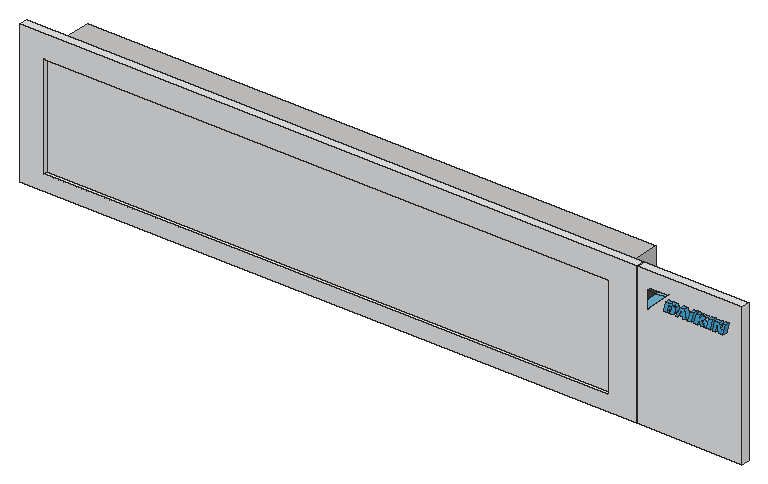
Revit family "outputfile", category 制気口, Revit 2024
Family settings
  丸型コネクタ寸法 = 直径を使用
  パーツ タイプ = 標準
  OmniClass 番号 = 23.75.70.21.27.11
  OmniClass タイトル = Diffusers, Registers, and Grilles
  作業面ベース = いいえ
  常に垂直 = はい
  ロード時にボイドで切り取り = いいえ
  注釈の向きを維持 = いいえ
  共有 = いいえ
  部屋計算ポイント = いいえ
Parameters (values of type "FPDAQ50APVM")
  Description = ""
  製造元 = "Daikin"
  書き出し IFC クラス(タイプ) = "IfcAirTerminalType"
  Default Elevation = 0 mm
  定義済み IFC タイプ(タイプ) = "GRILLE"
  Cost = 0
  モデル = "FPDAQ50APVM"
  Type Comments = ""
  Keynote = ""
  Type Image = (empty or 0)
  Assembly Code = ""
  Width = 922 mm
  Version = "ver.1.0"
  Unit Type = "3D Air Flow Ceiling Mounted Duct Type"
  Unit Designation [instance] = ""
  Uniclass2015Version = "Products v1.35"
  Uniclass2015Title = "Air grilles"
  Uniclass2015Code = "Pr_70_65_04_03"
  URL = ""
  Series = "VRV Fan Coil Unit"
  SA Duct Size Width = 656 mm
  SA Duct Size Height = 141 mm
  Material_Grille = DAIKIN_FreshWhite_Panel_indoorunit
  IfcVersion = ""
  IfcExportType = "GRILLE"
  IfcExportAs = "IfcAirTerminalType"
  Height = 180 mm
  FCU Tag No. [instance] = ""
  Design Supply Airflow [instance] = 0.00 m³/h
  Depth = 70 mm
Reference planes
  plane 1 "Center (Front/Back)": y = 0
  plane 2: z = 90
  plane 3 "Center (Left/Right)": x = 10
  plane 4: x = 471
  plane 5: x = 337
  plane 6: x = -451
  plane 7: z = -90
  plane 8: z = -90
  plane 9: z = -75
  plane 10: x = 404
  plane 11: x = -421
  plane 12 "Center (Elevation)": z = 0
  plane 13: y = -10
  plane 14: y = -5
  plane 15: y = 60
  plane 16: z = 70.5
  plane 17: x = 305
  plane 18: z = 60
  plane 19: z = -23
  plane 20: z = -70.5
  plane 21: x = 408.5
  plane 22: x = 368
  plane 23: x = -58
Forms (mm)
  Extrusion 1, solid, material "DAIKIN_FreshWhite_Panel_indoorunit" <- "Material_Grille"
    sketch origin (10, 0, 0) x (0, 1, 0) y (0, 0, 1)
      loop
        line (0, 90) -> (-10, 90) -> (-10, -90) -> (0, -90) -> (0, 90)
    from 327 to 461
  Extrusion 2, solid, material "DAIKIN_FreshWhite_Panel_indoorunit" <- "Material_Grille"
    sketch origin (10, 0, 0) x (0, 1, 0) y (0, 0, 1)
      loop
        line (-10, 90) -> (-10, -90) -> (0, -90) -> (0, 90) -> (-10, 90)
    from -461 to 327
  Extrusion 3, void
    sketch origin (0, 0, 0) x (1, 0, 0) y (0, 0, 1)
      loop
        line (-421, 61) -> (-421, -70.5) -> (300.5, -70.5) -> (300.5, 61) -> (-421, 61)
    from 10 to 5
  Extrusion 4, solid, material "DAIKIN_GalvanizedSteel_Casing_indoorunit"
    sketch origin (0, 0, 0) x (1, 0, 0) y (0, 1, 0)
      loop
        line (-421, 60) -> (-421, 0) -> (305, 0) -> (305, 60) -> (-421, 60)
    from -70.5 to 70.5
  Extrusion 5, solid, material "DAIKIN_GalvanizedSteel_Casing_indoorunit"
    sketch origin (0, 0, 0) x (1, 0, 0) y (0, 1, 0)
      loop
        line (383.049, 33) -> (369.7, 19.651) -> (369.7, 0) -> (438.3, 0) -> (438.3, 33) -> (383.049, 33)
    from -23 to 60
Cuts and joins
  Extrusion 3 cuts Extrusion 2
  Extrusion 3 cuts Extrusion 1
Dimensions and locks
  locked: plane 2 to plane 7 at 180
  locked: plane 2 to Extrusion 3 sketch curve at 29
  locked: plane 2 to plane 9 at 165
  locked: plane 4 to plane 5 at 134
  locked: plane 11 to plane 6 at 30
  locked: plane 13 to plane 1 "Center (Front/Back)" at 10
  equal spacing: plane 13, plane 14, plane 1 "Center (Front/Back)"
  plane 6 to plane 3 "Center (Left/Right)" = 461 mm
  equal spacing: plane 4, plane 10, plane 5
  locked: plane 2 to plane 16 at 19.5
  locked: plane 17 to plane 4 at 166
  equal spacing: Extrusion 5 sketch curve, plane 10, Extrusion 5 sketch curve
  locked: Extrusion 5 sketch curve to Extrusion 5 sketch curve at 68.6
  locked: plane 1 "Center (Front/Back)" to Extrusion 5 sketch curve at 33
  plane 2 to plane 18 = 30 mm  (x2)
  locked: plane 19 to plane 8 at 67
  locked: plane 20 to plane 8 at 19.5
  "Width": plane 6 to plane 4
  "Depth": plane 15 to plane 13
  "Height": plane 2 to plane 8
  locked: plane 4 to plane 21 at 62.5
  locked: plane 22 to plane 5 at 31
  equal spacing: plane 17, plane 23, plane 11
  equal spacing: plane 4, plane 3 "Center (Left/Right)", plane 6
  aligned and locked: Extrusion 1 to plane 5
  aligned and locked: plane 4 to Extrusion 1
  aligned and locked: plane 7 to Extrusion 2 sketch curve
  aligned and locked: Extrusion 2 to Extrusion 1
  aligned and locked: Extrusion 2 to plane 6
  aligned and locked: Extrusion 3 to plane 11
  aligned and locked: Extrusion 1 sketch curve to plane 2
  aligned and locked: plane 2 to Extrusion 2 sketch curve
  aligned and locked: level to plane 12 "Center (Elevation)"
  aligned and locked: Extrusion 1 sketch curve to plane 1 "Center (Front/Back)"
  aligned and locked: plane 1 "Center (Front/Back)" to Extrusion 4 sketch curve
  aligned and locked: plane 14 to Extrusion 3
  aligned and locked: plane 1 "Center (Front/Back)" to Extrusion 2 sketch curve
  aligned and locked: plane 13 to Extrusion 2 sketch curve
  aligned and locked: Extrusion 2 to Extrusion 3
  aligned and locked: plane 13 to Extrusion 1 sketch curve
  aligned and locked: plane 15 to Extrusion 4
  aligned and locked: Extrusion 4 to cut or joined group of Extrusion 2, Extrusion 3
  aligned and locked: nested 1 to plane 16
  aligned and locked: plane 10 to nested 1
  aligned and locked: nested 1 to plane 13
  aligned and locked: plane 17 to Extrusion 4
  aligned and locked: Extrusion 5 sketch curve to plane 1 "Center (Front/Back)"
  aligned and locked: plane 18 to Extrusion 5
  aligned and locked: Extrusion 5 to plane 19
  aligned and locked: Extrusion 4 to plane 20
  aligned and locked: Extrusion 3 to Extrusion 4
  aligned and locked: Extrusion 4 to plane 16
  aligned and locked: Extrusion 1 sketch curve to plane 8
Automatic sketch dimensions
  plane 6 to Extrusion 3 sketch curve = 30 mm
  Extrusion 3 sketch curve to plane 5 = 36.5 mm
  Extrusion 4 sketch curve to plane 10 = 99 mm
  Extrusion 4 sketch curve to plane 11 = 0 mm
  Extrusion 4 sketch curve to plane 1 "Center (Front/Back)" = 60 mm
  Extrusion 5 sketch curve to Extrusion 5 sketch curve = 13.349 mm  (x2)
  plane 20 to Extrusion 3 sketch curve = 0 mm
Nested families
  nested 1: "daikin_logo_elevation_w100" at (419, -10, 45.5), type "daikin_logo_elevation_w100"
    with show_logo yes
Connectors
  hvac at (-58, 60, 0), driven by "SA Duct Size Height", driven by "SA Duct Size Width", driven by "Design Supply Airflow"
    settings: on Extrusion 4, index 1, duct flow 0.00 m³/h, flow factor 0, pres drop 0.0 Pa, loss coef 0, conn angle 0.00°, conn width 656.0 mm, conn height 141.0 mm, conn diameter 609.6 mm, duct sys type 1, conn prof type 1, flow config 1, flow direction 1, loss method 4, conn ref index -1, conn util no, is conn primary yes, conn desc "SA Duct"
Definition of nested family "daikin_logo_elevation_w100"
  Parameters (values of type "daikin_logo_elevation_w100")
    width = 100 mm
    show_logo [instance] = yes
    material = none
    height = 25 mm
    depth = 5 mm
    Default Elevation = 0 mm
  Reference planes
    plane 1 "Center (Front/Back)": y = 0
    plane 2: z = 0
    plane 3 "Center (Left/Right)": x = -15
    plane 4 "left": x = -65
    plane 5 "right": x = 35
    plane 6: y = -5
    plane 7: z = 25
  Forms (mm)
    Extrusion 1, solid
      sketch origin (0, 0, 0) x (1, 0, 0) y (0, 0, 1)
        loop
          line (-65, 25) -> (-65, 14.753) -> (-53.814, 25) -> (-65, 25)
      from 0 to 5
    Extrusion 2, solid
      sketch origin (0, 0, 0) x (1, 0, 0) y (0, 0, 1)
        loop
          line (-42.019, 25) -> (-53.814, 25) -> (-65, 14.753) -> (-65, 3.87) -> (-42.019, 25)
      from 0 to 5
    Extrusion 3, solid
      sketch origin (0, 0, 0) x (1, 0, 0) y (0, 0, 1)
        loop
          line (-35.602, 20.041) -> (-41.486, 20.041) -> (-44.428, 8.274) -> (-35.602, 8.274)
          arc (-35.602, 8.274) -> (-32.105, 8.983) -> (-29.415, 11.329) r 6.978
          arc (-29.415, 11.329) -> (-28.233, 14.382) -> (-28.637, 17.63) r 6.701
          arc (-28.637, 17.63) -> (-29.469, 18.814) -> (-30.709, 19.559) r 3.49
          arc (-30.709, 19.559) -> (-33.138, 19.976) -> (-35.602, 20.041) r 17.114
        loop
          line (-38.544, 10.627) -> (-36.191, 10.627)
          arc (-36.191, 10.627) -> (-34.383, 11.838) -> (-33.335, 13.745) r 4.6
          arc (-33.335, 13.745) -> (-33.193, 15.202) -> (-33.538, 16.625) r 4.404
          arc (-33.538, 16.625) -> (-34.051, 17.128) -> (-34.72, 17.393) r 1.818
          line (-34.72, 17.393) -> (-37.073, 17.393) -> (-38.544, 10.627)
        loop
          line (-29.13, 8.274) -> (-25.894, 8.274) -> (-24.791, 10.333) -> (-20.158, 10.333) -> (-19.717, 8.274) -> (-14.422, 8.274) -> (-16.775, 20.041) -> (-22.659, 20.041) -> (-29.13, 8.274)
        loop
          line (-23.373, 12.98) -> (-20.725, 12.98) -> (-21.482, 16.511) -> (-23.373, 12.98)
        loop
          line (-10.009, 20.041) -> (-12.951, 8.274) -> (-7.95, 8.274) -> (-5.008, 20.041) -> (-10.009, 20.041)
        loop
          line (-5.008, 8.274) -> (-0.007, 8.274) -> (0.792, 11.472) -> (3.229, 8.274) -> (9.407, 8.274) -> (4.7, 14.451) -> (11.466, 20.041) -> (6.171, 20.041) -> (2.093, 16.672) -> (2.935, 20.041) -> (-2.066, 20.041) -> (-5.008, 8.274)
        loop
          line (10.583, 8.274) -> (15.879, 8.274) -> (18.82, 20.041) -> (13.819, 20.041) -> (10.583, 8.274)
        loop
          line (18.82, 8.274) -> (22.35, 8.274) -> (24.013, 14.925) -> (26.175, 8.274) -> (32.058, 8.274) -> (35, 20.041) -> (31.47, 20.041) -> (29.679, 12.878) -> (27.351, 20.041) -> (21.762, 20.041) -> (18.82, 8.274)
      from 0 to 5
  Lines and regions (mm)
    model lines
      curve 1: line (-42.019, 0, 25) -> (-52.024, 0, 25)
      curve 2: line (-52.024, 0, 25) -> (-65, 0, 13.114)
      curve 3: line (-65, 0, 13.114) -> (-65, 0, 3.87)
      curve 4: line (-65, 0, 3.87) -> (-42.019, 0, 25)
      curve 5: line (-65, 0, 14.753) -> (-65, 0, 25)
      curve 6: line (-65, 0, 25) -> (-53.814, 0, 25)
      curve 7: line (-53.814, 0, 25) -> (-65, 0, 14.753)
      curve 8: line (-20.725, 0, 12.98) -> (-23.373, 0, 12.98)
      curve 9: line (-23.373, 0, 12.98) -> (-21.482, 0, 16.511)
      curve 10: line (-21.482, 0, 16.511) -> (-20.725, 0, 12.98)
      curve 11: line (-19.717, 0, 8.274) -> (-20.158, 0, 10.333)
      curve 12: line (-20.158, 0, 10.333) -> (-24.791, 0, 10.333)
      curve 13: line (-24.791, 0, 10.333) -> (-25.894, 0, 8.274)
      curve 14: line (-25.894, 0, 8.274) -> (-29.13, 0, 8.274)
      curve 15: line (-29.13, 0, 8.274) -> (-22.659, 0, 20.041)
      curve 16: line (-22.659, 0, 20.041) -> (-16.775, 0, 20.041)
      curve 17: line (-36.191, 0, 10.627) -> (-38.544, 0, 10.627)
      curve 18: line (-38.544, 0, 10.627) -> (-37.073, 0, 17.393)
      curve 19: line (-37.073, 0, 17.393) -> (-34.72, 0, 17.393)
      curve 20: line (-5.008, 0, 20.041) -> (-10.009, 0, 20.041)
      curve 21: line (-10.009, 0, 20.041) -> (-12.951, 0, 8.274)
      curve 22: line (-12.951, 0, 8.274) -> (-7.95, 0, 8.274)
      curve 23: line (-7.95, 0, 8.274) -> (-5.008, 0, 20.041)
      curve 24: line (24.013, 0, 14.925) -> (22.35, 0, 8.274)
      curve 25: line (22.35, 0, 8.274) -> (18.82, 0, 8.274)
      curve 26: line (18.82, 0, 8.274) -> (21.762, 0, 20.041)
      curve 27: line (21.762, 0, 20.041) -> (27.351, 0, 20.041)
      curve 28: line (27.351, 0, 20.041) -> (29.679, 0, 12.878)
      curve 29: line (29.679, 0, 12.878) -> (31.47, 0, 20.041)
      curve 30: line (31.47, 0, 20.041) -> (35, 0, 20.041)
      curve 31: line (35, 0, 20.041) -> (32.058, 0, 8.274)
      curve 32: line (32.058, 0, 8.274) -> (26.175, 0, 8.274)
      curve 33: line (26.175, 0, 8.274) -> (24.013, 0, 14.925)
      curve 34: line (-16.775, 0, 20.041) -> (-14.422, 0, 8.274)
      curve 35: line (-14.422, 0, 8.274) -> (-19.717, 0, 8.274)
      curve 36: line (-35.602, 0, 20.041) -> (-41.486, 0, 20.041)
      curve 37: line (-41.486, 0, 20.041) -> (-44.428, 0, 8.274)
      curve 38: line (-44.428, 0, 8.274) -> (-35.602, 0, 8.274)
      curve 39: line (10.583, 0, 8.274) -> (15.879, 0, 8.274)
      curve 40: line (15.879, 0, 8.274) -> (18.82, 0, 20.041)
      curve 41: line (18.82, 0, 20.041) -> (13.819, 0, 20.041)
      curve 42: line (13.819, 0, 20.041) -> (10.583, 0, 8.274)
      curve 43: line (3.229, 0, 8.274) -> (0.792, 0, 11.472)
      curve 44: line (0.792, 0, 11.472) -> (-0.007, 0, 8.274)
      curve 45: line (-0.007, 0, 8.274) -> (-5.008, 0, 8.274)
      curve 46: line (-5.008, 0, 8.274) -> (-2.066, 0, 20.041)
      curve 47: line (-2.066, 0, 20.041) -> (2.935, 0, 20.041)
      curve 48: line (2.935, 0, 20.041) -> (2.093, 0, 16.672)
      curve 49: line (2.093, 0, 16.672) -> (6.171, 0, 20.041)
      curve 50: line (6.171, 0, 20.041) -> (11.466, 0, 20.041)
      curve 51: line (11.466, 0, 20.041) -> (4.7, 0, 14.451)
      curve 52: line (4.7, 0, 14.451) -> (9.407, 0, 8.274)
      curve 53: line (9.407, 0, 8.274) -> (3.229, 0, 8.274)
      curve 54: arc (-36.191, 0, 10.627) -> (-34.383, 0, 11.838) -> (-33.335, 0, 13.745) r 4.6
      curve 55: arc (-33.335, 0, 13.745) -> (-33.193, 0, 15.202) -> (-33.538, 0, 16.625) r 4.404
      curve 56: arc (-33.538, 0, 16.625) -> (-34.051, 0, 17.128) -> (-34.72, 0, 17.393) r 1.818
      curve 57: arc (-35.602, 0, 8.274) -> (-32.105, 0, 8.983) -> (-29.415, 0, 11.329) r 6.978
      curve 58: arc (-29.415, 0, 11.329) -> (-28.233, 0, 14.382) -> (-28.637, 0, 17.63) r 6.701
      curve 59: arc (-28.637, 0, 17.63) -> (-29.469, 0, 18.814) -> (-30.709, 0, 19.559) r 3.49
      curve 60: arc (-30.709, 0, 19.559) -> (-33.138, 0, 19.976) -> (-35.602, 0, 20.041) r 17.114
  Dimensions and locks
    "width": plane 4 "left" to plane 5 "right"
    "depth": plane 6 to plane 1 "Center (Front/Back)"
    equal spacing: plane 4 "left", plane 3 "Center (Left/Right)", plane 5 "right"
    "height": plane 7 to plane 2
    aligned and locked: level to plane 2
    aligned and locked: Extrusion 1 sketch curve to plane 4 "left"
    aligned and locked: Extrusion 1 sketch curve to plane 7
    aligned and locked: plane 7 to Extrusion 2 sketch curve
    aligned and locked: plane 4 "left" to Extrusion 2 sketch curve
    aligned and locked: Extrusion 3 to plane 6
    aligned and locked: Extrusion 1 to plane 6
    aligned and locked: Extrusion 2 to plane 6
  Automatic sketch dimensions
    plane 4 "left" to curve 5 = 0 mm
    plane 4 "left" to curve 2 = 0 mm
    curve 30 to plane 5 "right" = 0 mm
    curve 5 to curve 6 = 11.186 mm
    curve 6 to curve 2 = 1.79 mm
    curve 2 to curve 37 = 7.597 mm
    curve 2 to curve 1 = 10.005 mm
    curve 1 to curve 37 = 0.534 mm
    curve 37 to curve 18 = 5.884 mm
    curve 17 to curve 54 = 0.769 mm
    curve 54 to curve 55 = 0.188 mm
    curve 54 to curve 19 = 0.702 mm
    curve 17 to curve 17 = 2.353 mm
    curve 18 to curve 36 = 1.471 mm
    curve 17 to curve 38 = 0.588 mm
    curve 55 to curve 57 = 2.392 mm
    curve 57 to curve 56 = 0.152 mm
    curve 57 to curve 58 = 0.311 mm
    curve 57 to curve 60 = 0.787 mm
    curve 56 to curve 19 = 0.322 mm
    curve 19 to curve 59 = 2.873 mm
    curve 57 to curve 15 = 6.472 mm
    curve 14 to curve 13 = 3.236 mm
    curve 13 to curve 13 = 1.103 mm
    curve 12 to curve 8 = 1.418 mm
    curve 8 to curve 16 = 0.714 mm
    curve 15 to curve 10 = 1.177 mm
    curve 8 to curve 10 = 2.648 mm
    curve 8 to curve 12 = 0.567 mm
    curve 11 to curve 35 = 0.441 mm
    curve 16 to plane 3 "Center (Left/Right)" = 1.775 mm
    plane 3 "Center (Left/Right)" to curve 35 = 0.578 mm
    curve 34 to curve 21 = 1.471 mm
    plane 3 "Center (Left/Right)" to curve 21 = 4.991 mm
    curve 21 to curve 23 = 5.001 mm
    curve 20 to curve 23 = 5.001 mm
    curve 22 to curve 45 = 2.942 mm
    curve 20 to curve 47 = 2.942 mm
    curve 45 to curve 44 = 5.001 mm
    curve 44 to curve 44 = 0.799 mm
    curve 46 to curve 49 = 4.159 mm
    curve 49 to curve 48 = 0.842 mm
    curve 44 to curve 53 = 3.236 mm
    curve 48 to curve 52 = 2.607 mm
    curve 47 to curve 49 = 3.236 mm
    curve 43 to curve 53 = 6.178 mm
    curve 52 to curve 39 = 1.177 mm
    curve 49 to curve 51 = 5.295 mm
    curve 50 to curve 41 = 2.353 mm
    curve 39 to curve 39 = 5.295 mm
    curve 41 to curve 40 = 5.001 mm
    curve 39 to curve 25 = 2.942 mm
    curve 40 to curve 26 = 2.942 mm
    curve 25 to curve 24 = 3.53 mm
    curve 26 to curve 33 = 2.251 mm
    curve 24 to curve 33 = 3.824 mm
    curve 26 to curve 27 = 5.589 mm
    curve 29 to plane 5 "right" = 5.321 mm
    curve 29 to curve 30 = 3.53 mm
    curve 31 to plane 5 "right" = 2.942 mm
    curve 60 to plane 7 = 22.055 mm
    curve 60 to curve 3 = 0.925 mm
    curve 60 to curve 37 = 5.329 mm
    curve 60 to curve 34 = 5.329 mm
    curve 32 to curve 34 = 0 mm
    curve 39 to curve 32 = 0 mm
    curve 43 to curve 39 = 0 mm
    curve 26 to curve 39 = 0 mm
    curve 23 to curve 34 = 0 mm
    curve 13 to curve 11 = 0 mm
    curve 44 to curve 43 = 0 mm
    curve 11 to curve 11 = 2.059 mm
    curve 38 to curve 17 = 2.353 mm
    curve 44 to curve 43 = 3.198 mm
    curve 31 to curve 29 = 4.604 mm
    curve 12 to curve 8 = 2.648 mm
    curve 4 to curve 2 = 9.244 mm
    curve 43 to curve 51 = 2.98 mm
    curve 2 to curve 5 = 1.639 mm
    curve 17 to curve 55 = 4.265 mm
    curve 28 to curve 24 = 2.046 mm
    curve 55 to curve 54 = 0.053 mm
    curve 55 to curve 58 = 0.311 mm
    curve 58 to curve 57 = 0.037 mm
    curve 57 to curve 56 = 0.364 mm
    curve 58 to curve 59 = 1.057 mm
    curve 8 to curve 9 = 3.53 mm
    curve 51 to curve 48 = 2.22 mm
    curve 54 to curve 18 = 2.447 mm
    curve 22 to curve 21 = 11.767 mm
    curve 46 to curve 20 = 0 mm
    curve 24 to curve 26 = 5.116 mm
    curve 49 to curve 47 = 0 mm
    curve 42 to curve 50 = 0 mm
    curve 9 to curve 16 = 3.53 mm
    curve 29 to curve 27 = 0 mm
    curve 18 to curve 37 = 2.648 mm
    curve 36 to curve 6 = 4.959 mm
    curve 36 to curve 4 = 4.959 mm
    curve 19 to curve 55 = 1.182 mm
    curve 59 to curve 60 = 1.138 mm
    curve 58 to curve 14 = 0.285 mm
    Extrusion 1 sketch curve to plane 4 "left" = 11.186 mm
    Extrusion 1 sketch curve to plane 7 = 10.247 mm
    Extrusion 2 sketch curve to plane 4 "left" = 22.981 mm
    Extrusion 2 sketch curve to plane 7 = 10.247 mm
    level to Extrusion 2 sketch curve = 3.87 mm
    Extrusion 2 sketch curve to plane 4 "left" = 11.186 mm
    Extrusion 3 sketch curve to plane 7 = 4.959 mm  (x5)
    Extrusion 3 sketch curve to plane 3 "Center (Left/Right)" = 20.602 mm
    level to Extrusion 3 sketch curve = 2.945 mm
    Extrusion 3 sketch curve to Extrusion 3 sketch curve = 0.787 mm  (x2)
    Extrusion 3 sketch curve to Extrusion 3 sketch curve = 5.884 mm
    Extrusion 3 sketch curve to Extrusion 3 sketch curve = 4.894 mm
    Extrusion 3 sketch curve to Extrusion 3 sketch curve = 1.138 mm
    Extrusion 3 sketch curve to Extrusion 3 sketch curve = 3.299 mm
    Extrusion 3 sketch curve to Extrusion 3 sketch curve = 2.072 mm
    Extrusion 3 sketch curve to Extrusion 3 sketch curve = 3.036 mm
    Extrusion 3 sketch curve to Extrusion 3 sketch curve = 1.057 mm
    Extrusion 3 sketch curve to Extrusion 3 sketch curve = 2.432 mm
    Extrusion 3 sketch curve to Extrusion 3 sketch curve = 0.311 mm
    Extrusion 3 sketch curve to Extrusion 3 sketch curve = 0.037 mm
    Extrusion 3 sketch curve to Extrusion 3 sketch curve = 8.825 mm
    Extrusion 3 sketch curve to plane 7 = 7.607 mm
    Extrusion 3 sketch curve to Extrusion 3 sketch curve = 1.879 mm
    Extrusion 3 sketch curve to Extrusion 3 sketch curve = 2.942 mm  (x5)
    Extrusion 3 sketch curve to Extrusion 3 sketch curve = 0.163 mm
    Extrusion 3 sketch curve to Extrusion 3 sketch curve = 0.152 mm
    Extrusion 3 sketch curve to Extrusion 3 sketch curve = 0.364 mm
    Extrusion 3 sketch curve to Extrusion 3 sketch curve = 1.182 mm
    Extrusion 3 sketch curve to Extrusion 3 sketch curve = 2.392 mm
    Extrusion 3 sketch curve to Extrusion 3 sketch curve = 0.348 mm
    Extrusion 3 sketch curve to Extrusion 3 sketch curve = 1.548 mm
    Extrusion 3 sketch curve to Extrusion 3 sketch curve = 0.188 mm
    Extrusion 3 sketch curve to Extrusion 3 sketch curve = 0.053 mm
    Extrusion 3 sketch curve to Extrusion 3 sketch curve = 2.353 mm  (x2)
    Extrusion 3 sketch curve to Extrusion 3 sketch curve = 5.979 mm
    Extrusion 3 sketch curve to Extrusion 3 sketch curve = 0.285 mm
    Extrusion 3 sketch curve to plane 3 "Center (Left/Right)" = 1.775 mm
    Extrusion 3 sketch curve to Extrusion 3 sketch curve = 3.056 mm
    plane 3 "Center (Left/Right)" to Extrusion 3 sketch curve = 0.578 mm
    Extrusion 3 sketch curve to plane 3 "Center (Left/Right)" = 4.717 mm
    Extrusion 3 sketch curve to Extrusion 3 sketch curve = 0.441 mm
    Extrusion 3 sketch curve to Extrusion 3 sketch curve = 2.059 mm  (x2)
    Extrusion 3 sketch curve to Extrusion 3 sketch curve = 4.633 mm
    Extrusion 3 sketch curve to Extrusion 3 sketch curve = 1.103 mm
    Extrusion 3 sketch curve to Extrusion 3 sketch curve = 1.177 mm  (x2)
    Extrusion 3 sketch curve to Extrusion 3 sketch curve = 3.53 mm  (x2)
    Extrusion 3 sketch curve to Extrusion 3 sketch curve = 1.418 mm
    Extrusion 3 sketch curve to Extrusion 3 sketch curve = 2.648 mm  (x2)
    plane 3 "Center (Left/Right)" to Extrusion 3 sketch curve = 4.991 mm
    Extrusion 3 sketch curve to Extrusion 3 sketch curve = 1.471 mm
    Extrusion 3 sketch curve to Extrusion 3 sketch curve = 5.001 mm  (x4)
    Extrusion 3 sketch curve to Extrusion 3 sketch curve = 0 mm  (x8)
    Extrusion 3 sketch curve to plane 7 = 8.328 mm
    Extrusion 3 sketch curve to Extrusion 3 sketch curve = 0.842 mm
    Extrusion 3 sketch curve to Extrusion 3 sketch curve = 3.236 mm  (x2)
    Extrusion 3 sketch curve to Extrusion 3 sketch curve = 5.295 mm  (x2)
    Extrusion 3 sketch curve to Extrusion 3 sketch curve = 2.607 mm
    Extrusion 3 sketch curve to Extrusion 3 sketch curve = 2.22 mm
    Extrusion 3 sketch curve to Extrusion 3 sketch curve = 4.707 mm
    Extrusion 3 sketch curve to Extrusion 3 sketch curve = 6.178 mm
    Extrusion 3 sketch curve to Extrusion 3 sketch curve = 2.436 mm
    Extrusion 3 sketch curve to Extrusion 3 sketch curve = 3.198 mm
    Extrusion 3 sketch curve to Extrusion 3 sketch curve = 5.589 mm
    Extrusion 3 sketch curve to plane 5 "right" = 5.321 mm
    Extrusion 3 sketch curve to Extrusion 3 sketch curve = 7.163 mm
    Extrusion 3 sketch curve to plane 5 "right" = 3.53 mm
    Extrusion 3 sketch curve to plane 5 "right" = 0 mm
    Extrusion 3 sketch curve to plane 5 "right" = 2.942 mm
    Extrusion 3 sketch curve to Extrusion 3 sketch curve = 4.604 mm
    Extrusion 3 sketch curve to Extrusion 3 sketch curve = 3.504 mm
    Extrusion 3 sketch curve to Extrusion 3 sketch curve = 2.251 mm
    Extrusion 3 sketch curve to Extrusion 3 sketch curve = 5.116 mm
